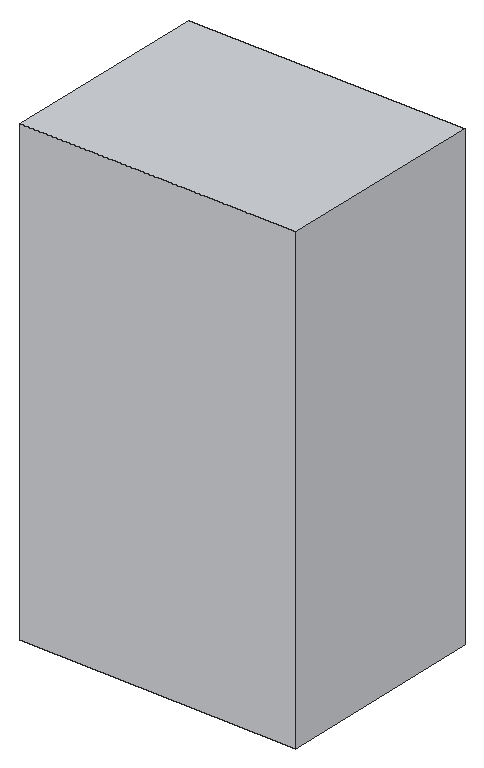
Revit family
Parameters
  Warranty Duration (Years) = 0
  URL = "http://www.americanspecialties.com/viewCategories.cfm"
  Body Material = Metal - Aluminum
  Test Data = ""
  Specification = "http://www.arcat.com/sdspecs/htm/10810asi.htm"
  SpecWizard = ""
  Send Message = "http://www.arcat.com/users.pl?action=UserEmail&company=American%20Specialties,%20Inc.&coid=30448&rep=139&fax=914-476-0688&mf="
  Sales Information = "http://www.americanspecialties.com/contact"
  Revision = "R1_10-2010"
  Product Properties = "http://www.americanspecialties.com/datasheets/0264-12.pdf"
  Product Data = "http://www.arcat.com/arcatcos/cos30/arc30448.html"
  Model = "As Specified in 10 28 13"
  Manufacturer Website = "http://www.americanspecialties.com/viewCategories.cfm"
  Manufacturer Phone - Toll Free = ""
  Manufacturer Phone = "914-476-9000 "
  Manufacturer Fax = "914-476-0688"
  Manufacturer Address = "441 Saw Mill River Rd., Yonkers, NY 10701"
  Manufacturer = "American Specialties, Inc."
  Maintenance Schedule (Months) = 0
  Keynote = "10 28 13"
  Installation-Fabrication = "http://www.americanspecialties.com/products.cfm"
  Green Building-LEED = ""
  Expected Lifespan (Years) = 0
  Drawn By = "Robert S. Weygant. CSI, CDT, SCIP"  # constant formula
  Description = "Toilet Accessory as Specified in 10 28 13"
  Trim Material = Metal - Aluminum
  Default Elevation = 4' - 0"
  Copyright = "©Arcat Inc."
  Construction Details = "http://www.arcat.com/green/clients/leed_data_30448.html"
  Building Codes = "http://www.americanspecialties.com/products.cfm"
  Assembly Code = "C1030210"
Reference planes (in)
  plane 1 "Floor Line": z = 0
  plane 2 "Center (Left/Right)": x = -0.65843
  plane 3: x = -7.15843
  plane 4: x = 5.84157
  plane 5: y = 0.08388
Forms (in)
  Extrusion 1, solid
    sketch origin (-3.65843, -10.3328, -6) x (0, 0, -1) y (1, 0, 0)
      loop
        line (-82, 26) -> (-82, -19.34712) -> (-6, -19.34712) -> (-6, 26) -> (-82, 26)
    from 9 to -25.60721
  Extrusion 2, solid, material "Metal - Aluminum" <- "Body Material"
    sketch origin (-0.65843, -1.25, 0.0625) x (0, 1, 0) y (0, 0, 1)
      loop
        line (1.45888, 0) -> (1.45888, 3.96999)
        arc (1.45888, 3.96999) -> (1.45004, 3.98612) -> (1.43169, 3.98732) r 0.01912
        line (1.43169, 3.98732) -> (1.05702, 3.81261)
        arc (1.05702, 3.81261) -> (1.03196, 3.79139) -> (1.02113, 3.76038) r 0.06243
        line (1.02113, 3.76038) -> (0.81134, 0.76024)
        arc (0.81134, 0.76024) -> (0.64864, 0.44093) -> (0.31408, 0.3125) r 0.5
        line (0.31408, 0.3125) -> (-0.16726, 0.3125)
        arc (-0.16726, 0.3125) -> (-0.25484, 0.27622) -> (-0.29112, 0.18864) r 0.12386
        line (-0.29112, 0.18864) -> (-0.29112, 0) -> (1.45888, 0)
    from -6.5 to 6.5
  Extrusion 3, void
    sketch origin (0, -1.54112, 0.0625) x (1, 0, 0) y (0, 0, 1)
      loop
        line (5.46657, 4) -> (-0.28201, 4) -> (0.14061, 0.99291)
        arc (0.14061, 0.99291) -> (0.30771, 0.68515) -> (0.63574, 0.5625) r 0.5
        line (0.63574, 0.5625) -> (4.54881, 0.5625)
        arc (4.54881, 0.5625) -> (4.87684, 0.68515) -> (5.04395, 0.99291) r 0.5
        line (5.04395, 0.99291) -> (5.46657, 4)
      loop
        line (-6.78343, 4) -> (-6.36082, 0.99291)
        arc (-6.36082, 0.99291) -> (-6.19371, 0.68515) -> (-5.86568, 0.5625) r 0.5
        line (-5.86568, 0.5625) -> (-1.95261, 0.5625)
        arc (-1.95261, 0.5625) -> (-1.62458, 0.68515) -> (-1.45747, 0.99291) r 0.5
        line (-1.45747, 0.99291) -> (-1.03486, 4) -> (-6.78343, 4)
    from -1.75 to -1.06286
  Extrusion 4, void
    sketch origin (-0.25, -1.5, 0) x (1, 0, 0) y (0, 1, 0)
      loop
        line (-6.90843, 0.45888) -> (-7.28343, 0.45888) -> (-7.28343, -0.41612) -> (-6.40843, -0.41612) -> (-6.40843, -0.04112)
        arc (-6.40843, -0.04112) -> (-6.76199, 0.10533) -> (-6.90843, 0.45888) r 0.5
      loop
        arc (6.09157, 0.45888) -> (5.94512, 0.10533) -> (5.59157, -0.04112) r 0.5
        line (5.59157, -0.04112) -> (5.59157, -0.41612) -> (6.46657, -0.41612) -> (6.46657, 0.45888) -> (6.09157, 0.45888)
    from 0 to 0.375
  Extrusion 5, solid, material "Metal - Aluminum" <- "Body Material"
    sketch origin (-0.85906, -1.13894, -0.23226) x (0, 1, 0) y (0, 0, 1)
      loop
        spline (1.95944, 4) -> (1.92384, 4.19411) -> (1.81948, 4.375) -> (1.65348, 4.53033) -> (1.43713, 4.64952) -> (1.18519, 4.72444) -> (0.91482, 4.75) -> (0.64446, 4.72444) -> (0.39252, 4.64952) -> (0.17617, 4.53033) -> (0.01016, 4.375) -> (-0.0942, 4.19411) -> (-0.12979, 4)
        spline (-0.12979, 4) -> (-0.0942, 3.80589) -> (0.01016, 3.625) -> (0.17617, 3.46967) -> (0.39252, 3.35048) -> (0.64446, 3.27556) -> (0.91482, 3.25) -> (1.18519, 3.27556) -> (1.43713, 3.35048) -> (1.65348, 3.46967) -> (1.81948, 3.625) -> (1.92384, 3.80589) -> (1.95944, 4)
    from -5.42438 to -0.54938
  Revolve 6, solid, material "Metal - Aluminum" <- "Body Material"
    sketch origin (0, 3.59931, 3.70524) x (0, -1, 0) y (1, 0, 0)
      loop
        line (3.51543, -6.78343) -> (3.66895, -6.78343) -> (3.66895, -6.65843) -> (3.71482, -6.65843) -> (3.71482, -6.40843) -> (3.51543, -6.40843) -> (3.51543, -6.78343)
      axis (3.51543, -6.78343) -> (3.51543, -6.40843)
    angle from 0 to 360
  Revolve 7, solid, material "Metal - Aluminum" <- "Body Material"
    sketch origin (-1.31687, 3.59931, 3.70524) x (0, 1, 0) y (-1, 0, 0)
      loop
        line (-3.51543, -6.78343) -> (-3.51543, -6.40843) -> (-3.71482, -6.40843) -> (-3.71482, -6.65843) -> (-3.66895, -6.65843) -> (-3.66895, -6.78343) -> (-3.51543, -6.78343)
      axis (-3.51543, -6.78343) -> (-3.51543, -6.40843)
    angle from 0 to 360
  Extrusion 8, solid, material "Metal - Aluminum" <- "Body Material"
    sketch origin (-0.65843, 5.38295, 2.37135) x (0, 0, 1) y (0, -1, 0)
      loop
        circle (1.3339, 5.29907) r 0.09463
    from 3.50662 to 5.33332
  Extrusion 9, solid, material "Metal - Aluminum" <- "Body Material"
    sketch origin (5.14094, -1.13894, -0.23226) x (0, 1, 0) y (0, 0, 1)
      loop
        line (0.31251, 3.12587) -> (1.79625, 3.12587)
        arc (1.79625, 3.12587) -> (2.04286, 3.19092) -> (2.22531, 3.36914) r 0.5
        arc (2.22531, 3.36914) -> (2.39988, 4.00087) -> (2.22531, 4.6326) r 1.23034
        arc (2.22531, 4.6326) -> (2.04286, 4.81082) -> (1.79625, 4.87587) r 0.5
        line (1.79625, 4.87587) -> (0.31251, 4.87587)
        arc (0.31251, 4.87587) -> (0.0659, 4.81082) -> (-0.11655, 4.6326) r 0.5
        arc (-0.11655, 4.6326) -> (-0.29112, 4.00087) -> (-0.11655, 3.36914) r 1.23034
        arc (-0.11655, 3.36914) -> (0.0659, 3.19092) -> (0.31251, 3.12587) r 0.5
    from -11.54938 to -11.42438
  Extrusion 10, void
    sketch origin (0, 0, 0) x (1, 0, 0) y (0, 1, 0)
      loop
        line (-5.99175, 0.49833) -> (-5.99175, -1.00167) -> (-4.74175, -1.00167) -> (-4.74175, 0.49833) -> (-5.99175, 0.49833)
      loop
        line (-1.99175, -1.00167) -> (-1.99175, 0.49833) -> (-3.24175, 0.49833) -> (-3.24175, -1.00167) -> (-1.99175, -1.00167)
      loop
        line (-4.61675, -1.00167) -> (-3.36675, -1.00167) -> (-3.36675, 0.49833) -> (-4.61675, 0.49833) -> (-4.61675, -1.00167)
    from 2.8311 to 4.5811
  Extrusion 11, void
    sketch origin (-1.31687, 0, 0) x (-1, 0, 0) y (0, -1, 0)
      loop
        line (-5.99175, -0.49833) -> (-4.74175, -0.49833) -> (-4.74175, 1.00167) -> (-5.99175, 1.00167) -> (-5.99175, -0.49833)
      loop
        line (-1.99175, 1.00167) -> (-3.24175, 1.00167) -> (-3.24175, -0.49833) -> (-1.99175, -0.49833) -> (-1.99175, 1.00167)
      loop
        line (-4.61675, 1.00167) -> (-4.61675, -0.49833) -> (-3.36675, -0.49833) -> (-3.36675, 1.00167) -> (-4.61675, 1.00167)
    from 2.8311 to 4.5811
  Extrusion 12, solid, material "Metal - Aluminum" <- "Body Material"
    sketch origin (5.64094, -1.13894, -0.23226) x (0, 1, 0) y (0, 0, 1)
      loop
        spline (1.95944, 4) -> (1.92384, 4.19411) -> (1.81948, 4.375) -> (1.65348, 4.53033) -> (1.43713, 4.64952) -> (1.18519, 4.72444) -> (0.91482, 4.75) -> (0.64446, 4.72444) -> (0.39252, 4.64952) -> (0.17617, 4.53033) -> (0.01016, 4.375) -> (-0.0942, 4.19411) -> (-0.12979, 4)
        spline (-0.12979, 4) -> (-0.0942, 3.80589) -> (0.01016, 3.625) -> (0.17617, 3.46967) -> (0.39252, 3.35048) -> (0.64446, 3.27556) -> (0.91482, 3.25) -> (1.18519, 3.27556) -> (1.43713, 3.35048) -> (1.65348, 3.46967) -> (1.81948, 3.625) -> (1.92384, 3.80589) -> (1.95944, 4)
    from -5.42438 to -0.54938
  Extrusion 13, solid, material "Metal - Aluminum" <- "Body Material"
    sketch origin (11.64094, -1.13894, -0.23226) x (0, 1, 0) y (0, 0, 1)
      loop
        line (0.31251, 3.12587) -> (1.79625, 3.12587)
        arc (1.79625, 3.12587) -> (2.04286, 3.19092) -> (2.22531, 3.36914) r 0.5
        arc (2.22531, 3.36914) -> (2.39988, 4.00087) -> (2.22531, 4.6326) r 1.23034
        arc (2.22531, 4.6326) -> (2.04286, 4.81082) -> (1.79625, 4.87587) r 0.5
        line (1.79625, 4.87587) -> (0.31251, 4.87587)
        arc (0.31251, 4.87587) -> (0.0659, 4.81082) -> (-0.11655, 4.6326) r 0.5
        arc (-0.11655, 4.6326) -> (-0.29112, 4.00087) -> (-0.11655, 3.36914) r 1.23034
        arc (-0.11655, 3.36914) -> (0.0659, 3.19092) -> (0.31251, 3.12587) r 0.5
    from -11.54938 to -11.42438
  Extrusion 14, solid, material "Metal - Aluminum" <- "Body Material"
    sketch origin (-7.32507, 5.38295, 2.37135) x (0, 0, 1) y (0, -1, 0)
      loop
        circle (1.3339, 5.29907) r 0.09463
    from 3.56483 to 6.35204
  Extrusion 15, solid, material "Metal - Aluminum" <- "Body Material"
    sketch origin (-9.68733, 5.38295, 2.37135) x (0, 0, 1) y (0, -1, 0)
      loop
        circle (1.3339, 5.29907) r 0.09463
    from 3.69558 to 5.14775
  Extrusion 16, solid, material "Metal - Aluminum" <- "Body Material"
    sketch origin (-3.0207, 5.38295, 2.37135) x (0, 0, 1) y (0, -1, 0)
      loop
        circle (1.3339, 5.29907) r 0.09463
    from 2.67015 to 5.14775
  Extrusion 17, solid, material "Metal - Aluminum" <- "Body Material"
    sketch origin (0, 1.66254, 0) x (1, 0, 0) y (0, 1, 0)
      loop
        line (-7.65843, 3.58388) -> (-7.65843, -3.91612)
        arc (-7.65843, -3.91612) -> (-7.58521, -4.09289) -> (-7.40843, -4.16612) r 0.25
        line (-7.40843, -4.16612) -> (6.09157, -4.16612)
        arc (6.09157, -4.16612) -> (6.26834, -4.09289) -> (6.34157, -3.91612) r 0.25
        line (6.34157, -3.91612) -> (6.34157, 3.58388) -> (-7.65843, 3.58388)
      loop
        arc (-6.28343, 1.78533) -> (-6.15843, 1.31883) -> (-6.03343, 1.78533) r 0.25
        line (-6.03343, 1.78533) -> (-6.03343, 2.19383)
        arc (-6.03343, 2.19383) -> (-6.15843, 2.31883) -> (-6.28343, 2.19383) r 0.125
        line (-6.28343, 2.19383) -> (-6.28343, 1.78533)
      loop
        line (4.96657, 1.78533) -> (4.96657, 2.19383)
        arc (4.96657, 2.19383) -> (4.84157, 2.31883) -> (4.71657, 2.19383) r 0.125
        line (4.71657, 2.19383) -> (4.71657, 1.78533)
        arc (4.71657, 1.78533) -> (4.84157, 1.31883) -> (4.96657, 1.78533) r 0.25
      loop
        arc (-5.65843, -1.73144) -> (-5.78343, -1.85644) -> (-5.65843, -1.98144) r 0.125
        line (-5.65843, -1.98144) -> (-4.65843, -1.98144)
        arc (-4.65843, -1.98144) -> (-4.53343, -1.85644) -> (-4.65843, -1.73144) r 0.125
        line (-4.65843, -1.73144) -> (-5.65843, -1.73144)
      loop
        line (4.34157, -1.73144) -> (3.34157, -1.73144)
        arc (3.34157, -1.73144) -> (3.21657, -1.85644) -> (3.34157, -1.98144) r 0.125
        line (3.34157, -1.98144) -> (4.34157, -1.98144)
        arc (4.34157, -1.98144) -> (4.46657, -1.85644) -> (4.34157, -1.73144) r 0.125
    from 0 to 0.0625
  Extrusion 18, solid, material "Metal - Aluminum" <- "Body Material"
    sketch origin (-0.65843, 1.66254, 0) x (0, 1, 0) y (0, 0, 1)
      loop
        line (-0.29112, 6.5) -> (-0.29112, 6.4394) -> (3.54741, 0.0625) -> (3.58388, 0.0625) -> (-0.29112, 6.5)
    from -7.0625 to 7.0625
  Extrusion 19, solid, material "Metal - Aluminum" <- "Body Material"
    sketch origin (-0.65843, 1.66254, 0) x (0, 1, 0) y (0, 0, 1)
      loop
        line (3.58388, 0.0625) -> (-0.29112, 6.5) -> (-3.16612, 0.0625) -> (3.58388, 0.0625)
    from -7.0625 to -7.03125
  Extrusion 20, solid, material "Metal - Aluminum" <- "Body Material"
    sketch origin (-0.65843, 1.66254, 0) x (0, 1, 0) y (0, 0, -1)
      loop
        line (3.58388, -0.0625) -> (-3.16612, -0.0625) -> (-0.29112, -6.5) -> (3.58388, -0.0625)
    from -7.0625 to -7.03125
  Extrusion 21, solid, material "Metal - Aluminum" <- "Body Material"
    sketch origin (-0.65843, 1.66254, 0) x (0, 1, 0) y (0, 0, 1)
      loop
        line (-0.05425, 6.1065) -> (-0.29112, 6.5) -> (-0.36882, 6.326) -> (-0.18817, 6.02589) -> (-0.05425, 6.1065)
    from -7.0625 to 7.0625
Cuts and joins
  Extrusion 3, Extrusion 4, Extrusion 10, Extrusion 11 cuts Extrusion 2
  Extrusion 10, Extrusion 11 cuts Extrusion 5
  Extrusion 11 cuts Extrusion 12
Dimensions and locks (in)
  aligned and locked: Extrusion 2 to plane 3
  aligned and locked: plane 4 to Extrusion 2
  aligned and locked: Extrusion 3 to Extrusion 2
  aligned and locked: Extrusion 4 to Extrusion 2
  aligned and locked: Extrusion 4 to level
  aligned and locked: Revolve 6 sketch curve to Revolve 6 sketch curve
  aligned and locked: Revolve 7 sketch curve to Revolve 7 sketch curve
  aligned and locked: Extrusion 9 to Revolve 6
  aligned and locked: Extrusion 9 to cut or joined group of Extrusion 5, Extrusion 10, Extrusion 11
